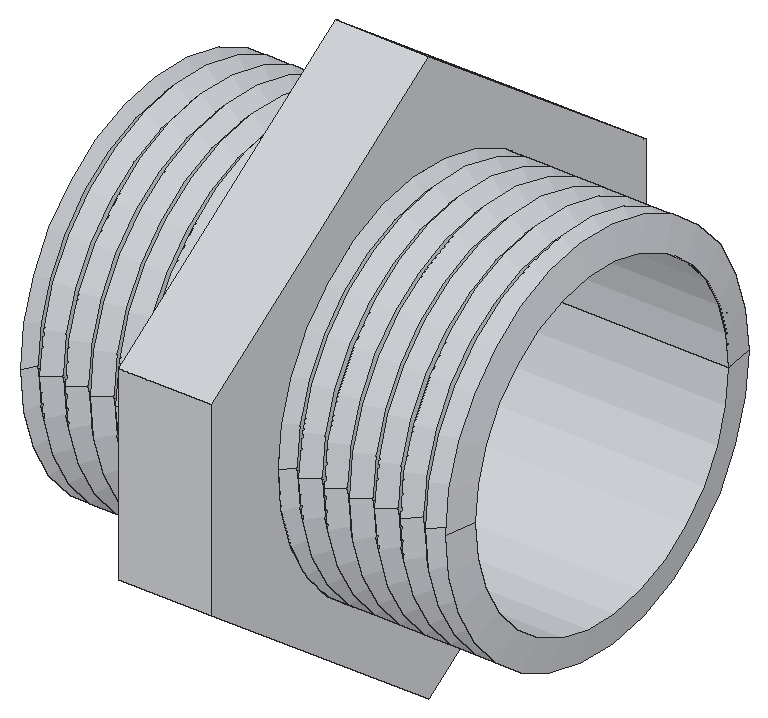
Revit family "Dirit_Steel Nipple", category Pipe Fittings, Revit 2024
Family settings
  Round Connector Dimension = Use Radius
  Part Type = Multi Port
  OmniClass Number = 23.60.30.11.14
  OmniClass Title = Pipework Fittings
  Work Plane-Based = No
  Always vertical = Yes
  Cut with Voids When Loaded = No
  Shared = No
Parameters (values of type "Standard")
  Wall Thickness [instance] = size_lookup(Lookup Table Name, "WThk", 0.02 * Nominal Diameter + 3.274 mm, Nominal Diameter)  # 7.62 mm
  Tick Size [instance] = Fitting Outside Diameter * 0.4  # 24.13 mm
  Socket Outside Radius [instance] = Socket Outside Diameter / 2  # 37.973 mm
  Socket Outside Diameter [instance] = Socket Entrance Diameter + Wall Thickness * 2  # 75.946 mm
  Socket Entrance Diameter [instance] = size_lookup(Lookup Table Name, "SED", 1.04 * Nominal Diameter + 9.426 mm, Nominal Diameter)  # 60.706 mm
  Nominal Radius [instance] = Nominal Diameter / 2  # 25 mm
  Nominal Diameter [instance] = 50 mm
  MATERIALS = none
  Loss Method = Not Defined
  Lookup Table Name = "M_Coupling - PVC - Sch 40 - DWV"
  Length [instance] = size_lookup(Lookup Table Name, "Lgt", 1.07 * Nominal Diameter - 7.838 mm, Nominal Diameter)  # 12.7 mm
  Fitting Outside Radius [instance] = Fitting Outside Diameter / 2  # 30.163 mm
  Fitting Outside Diameter [instance] = size_lookup(Lookup Table Name, "FOD", 1.04 * Nominal Diameter + 9.128 mm, Nominal Diameter)  # 60.325 mm
  Fitting Length [instance] = size_lookup(Lookup Table Name, "FLgt", 0.02 * Nominal Diameter + 2.778 mm, Nominal Diameter)  # 3.175 mm
  Description = "Kép"
  Default Elevation = 0 mm
  D [instance] = if(Nominal Radius > 12.5 mm, Socket Outside Radius, Socket Outside Radius * 0.9)  # 37.973 mm
Reference planes
  plane 1 "Center (Front/Back)": y = 0
  plane 2: z = 0
  plane 3 "Center (Left/Right)": x = 0
  plane 4: x = -1.587
  plane 5: x = 1.588
  plane 6: x = -6.35
  plane 7: x = 6.35
  plane 8: y = 25
  plane 9: x = -30
Forms (mm)
  Sweep 1, solid, material <- "MATERIALS", detail levels fine
    path in 3D
      loop
        line (-8.312, 0, 0) -> (3.969, 0, 0)
    profile origin (-2.172, 0, 0) x (0, 1, 0) y (0, 0, 1)
      loop
        line (-35.857, 12.5) -> (-35.857, -12.5) -> (0, -37.973) -> (35.857, -12.5) -> (35.857, 12.5) -> (0, 37.973) -> (-35.857, 12.5)
      loop
        circle (0, 0) r 25
  Revolve 2, solid, material <- "MATERIALS"
    sketch origin (0, 0, 0) x (1, 0, 0) y (0, 1, 0)
      loop
        line (-30, 25) -> (-30.65, 21) -> (26.84, 21) -> (26.19, 25) -> (25.256, 23.325) -> (23.581, 25) -> (21.906, 23.325) -> (20.231, 25) -> (18.556, 23.325) -> (16.88, 25) -> (15.205, 23.325) -> (13.53, 25) -> (11.855, 23.325) -> (10.18, 25) -> (8.504, 23.325) -> (6.829, 25) -> (5.154, 23.325) -> (3.969, 25) -> (-8.312, 25) -> (-8.964, 23.325) -> (-10.639, 25) -> (-12.314, 23.325) -> (-13.99, 25) -> (-15.665, 23.325) -> (-17.34, 25) -> (-19.015, 23.325) -> (-20.69, 25) -> (-22.366, 23.325) -> (-24.041, 25) -> (-25.716, 23.325) -> (-27.391, 25) -> (-29.066, 23.325) -> (-30, 25)
      axis (26.84, 0) -> (-30.65, 0)
    angle from 0 to 360
Lines and regions (mm)
  model lines, detail levels coarse+medium
    curve 1: line (-1.587, 0, 0) -> (1.588, 0, 0)
    curve 2: line (-6.35, 0, 0) -> (-1.587, 0, 0)
    curve 4: line (1.588, 0, 0) -> (6.35, 0, 0)
    curve 5: line (-6.35, 24.13, 0) -> (-6.35, 0, 0)
    curve 6: line (-6.35, -24.13, 0) -> (-6.35, 0, 0)
    curve 7: line (6.35, 24.13, 0) -> (6.35, 0, 0)
    curve 8: line (6.35, -24.13, 0) -> (6.35, 0, 0)
  sketch lines
    curve 3: line (-8.312, 0, 0) -> (3.969, 0, 0)
Dimensions and locks
  equal spacing: plane 4, plane 3 "Center (Left/Right)", plane 5
  "Fitting Length": plane 4 to plane 5
  equal spacing: plane 6, plane 3 "Center (Left/Right)", plane 7
  "Length": plane 6 to plane 7
  "Tick Size": curve 5 to curve 5
  "Tick Size": curve 6 to curve 6
  "Tick Size": curve 7 to curve 7
  "Tick Size": curve 8 to curve 8
  "D": curve 6 to Sweep 1 sketch curve  (x3)
  "Nominal Radius": plane 8 to plane 1 "Center (Front/Back)"
  plane 9 to plane 3 "Center (Left/Right)" = 30 mm
  Sweep 1 to Sweep 1 = 12.281 mm
  "D": Sweep 1 sketch curve to curve 6  (x3)
  "Nominal Radius": radius of Sweep 1 sketch curve
  aligned and locked: plane 4 to curve 1
  aligned and locked: plane 5 to curve 1
  aligned and locked: plane 1 "Center (Front/Back)" to curve 1
  aligned and locked: plane 6 to curve 2
  aligned and locked: plane 1 "Center (Front/Back)" to curve 2
  aligned and locked: plane 7 to curve 4
  aligned and locked: plane 1 "Center (Front/Back)" to curve 4
  aligned and locked: curve 5 to plane 6
  aligned and locked: plane 6 to curve 6
  aligned and locked: plane 1 "Center (Front/Back)" to curve 7
  aligned and locked: plane 7 to curve 7
  aligned and locked: curve 8 to plane 7
  aligned and locked: Revolve 2 sketch curve to plane 1 "Center (Front/Back)"
  aligned and locked: Sweep 1 to Revolve 2 sketch curve  (x2)
Automatic sketch dimensions
  Revolve 2 sketch curve to plane 8 = 0 mm  (x15)
  Revolve 2 sketch curve to plane 9 = 0 mm
  Revolve 2 sketch curve to plane 9 = 0.65 mm
  plane 9 to Revolve 2 sketch curve = 0.934 mm
  Revolve 2 sketch curve to Revolve 2 sketch curve = 1.675 mm  (x4)
  Revolve 2 sketch curve to plane 8 = 1.675 mm  (x10)
  plane 7 to Revolve 2 sketch curve = 1.196 mm
  Revolve 2 sketch curve to plane 7 = 0.479 mm
  Revolve 2 sketch curve to plane 7 = 2.154 mm
  Revolve 2 sketch curve to Revolve 2 sketch curve = 0.934 mm
  Revolve 2 sketch curve to plane 8 = 4 mm
  Revolve 2 sketch curve to Revolve 2 sketch curve = 0.65 mm
  Revolve 2 sketch curve to Revolve 2 sketch curve = 1479.063 mm
  Revolve 2 sketch curve to Revolve 2 sketch curve = 1482.873 mm
  Sweep 1 sketch curve to profile plane = 0 mm  (x4)
  profile plane to Sweep 1 sketch curve = 12.5 mm  (x2)
Connectors
  piping at (-8.312, 0, 0), diameter 50, driven by "Nominal Radius"
    settings: on Sweep 1, index 1, connector inside diameter 32 mm, connector length 0 mm, flow factor 0, pipe flow 0.0 L/s, pressure drop 0.0 Pa, fitting loss kfactor 0, connector angle 0.00°, fixture units 0, engagement length 0 mm, angle of deflection 0.00°, flow configuration 0, flow direction 0, fitting loss method 0, system type 28, joint type 0, gender type 0, connector reference index 2, connector utility 0, adjustable connector no, is connector primary yes, connector description ""
  piping at (3.969, 0, 0), diameter 50, driven by "Nominal Radius"
    settings: on Sweep 1, index 2, connector inside diameter 609.6 mm, connector length 0 mm, flow factor 0, pipe flow 0.0 L/s, pressure drop 0.0 Pa, fitting loss kfactor 0, connector angle 0.00°, fixture units 0, engagement length 0 mm, angle of deflection 0.00°, flow configuration 0, flow direction 0, fitting loss method 0, system type 28, joint type 0, gender type 0, connector reference index 1, connector utility 0, adjustable connector no, is connector primary no, connector description ""
